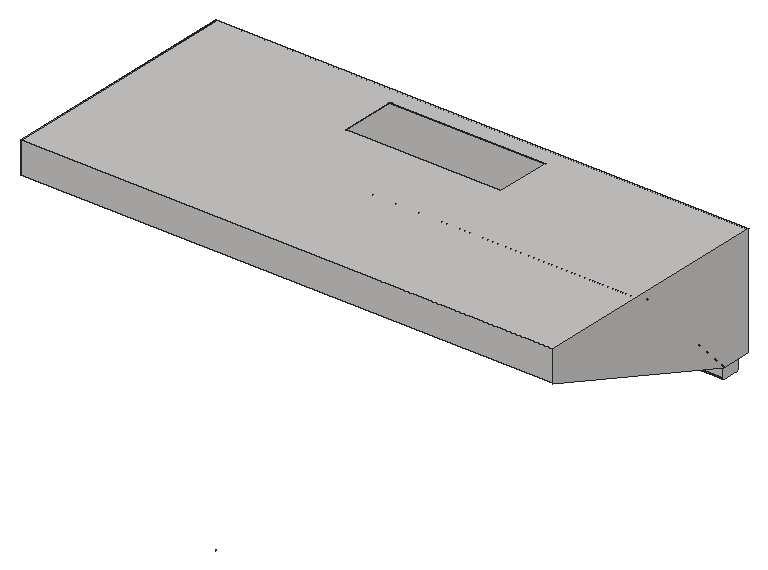
Revit family "QF_ELECTROLUXPROFESSIONAL_642092_MP1124DT", category Specialty Equipment, Revit 2014
Reference planes
  plane 1 "Center (Front/Back)": y = 0
  plane 2: z = 0
  plane 3 "Center (Left/Right)": x = 150
  plane 4 "LEFT": x = -1050
  plane 5 "RIGHT": x = 1350
  plane 6 "BACK": y = 550
  plane 7 "FRONT": y = -550
  plane 8 "Plane": z = 2000
  plane 9 "TOP": z = 2140
  plane 10 "Base": z = 1640
  plane 11: z = 1566
  plane 12 "DrainY": y = 485
  plane 13: x = -1047
  plane 14: through (0, 414.509, 1640.8) normal (0, 0.7314, 0.682)
  plane 15: y = 470
  plane 16: y = 220
  plane 17 "DrainX": x = 1230
  plane 18: x = 500
  plane 19: x = -200
  plane 20: x = 1347
  plane 21: x = 1140
  plane 22: x = 1320
  plane 23: x = -1010
  plane 24: x = -645
  plane 25: x = -450
  plane 26: x = 1310
  plane 27: x = 945
  plane 28: x = 750
  plane 29: x = -47.5
  plane 30: x = 347.5
Forms (mm)
  Extrusion 1, solid, material "QF_Finishes_Stainless Steel"
    sketch origin (-1050, 0, 0) x (0, 1, 0) y (0, 0, 1)
      loop
        line (550, 1640) -> (550, 2140) -> (-550, 2140) -> (-550, 1999.112) -> (413.973, 1640) -> (550, 1640)
    from 0 to 3
  Extrusion 2, solid, material "QF_Finishes_Stainless Steel"
    sketch origin (150, 0, 0) x (0, 1, 0) y (0, 0, 1)
      loop
        line (415.255, 1640) -> (550, 1640) -> (550, 2139.19) -> (549.2, 2139.19) -> (549.2, 1640.8) -> (415.876, 1640.8) -> (339.347, 1722.867) -> (349.609, 1732.436) -> (348.927, 1733.167) -> (337.934, 1722.917) -> (415.255, 1640)
      loop
        line (-82.203, 2139.19) -> (-82.203, 2118.6) -> (-31.047, 2118.6) -> (34.354, 2048.466) -> (46.028, 2059.352) -> (45.346, 2060.083) -> (34.403, 2049.879) -> (-30.612, 2119.6) -> (-81.203, 2119.6) -> (-81.203, 2139.19) -> (-82.203, 2139.19)
    from -1197 to 1197
  Extrusion 3, solid, material "QF_Finishes_Stainless Steel"
    sketch origin (1350, 0, 0) x (0, 1, 0) y (0, 0, 1)
      loop
        line (550, 1640) -> (550, 2140) -> (-550, 2140) -> (-550, 1999.112) -> (413.973, 1640) -> (550, 1640)
    from 0 to -3
  Extrusion 4, solid, material "QF_Finishes_Stainless Steel"
    sketch origin (150, 0, 0) x (0, 1, 0) y (0, 0, 1)
      loop
        line (-550, 2140) -> (-550, 2000) -> (-549.2, 2000) -> (-549.2, 2139.19) -> (550, 2139.19) -> (550, 2140) -> (-550, 2140)
    from -1200 to 1200
  Extrusion 5, solid, material "QF_Finishes_Stainless Steel"
    sketch origin (150, 0, 0) x (0, 1, 0) y (0, 0, 1)
      loop
        line (534, 1640) -> (436, 1640) -> (436, 1627) -> (443.5, 1627) -> (443.5, 1576)
        arc (443.5, 1576) -> (446.429, 1568.929) -> (453.5, 1566) r 10
        line (453.5, 1566) -> (516.5, 1566)
        arc (516.5, 1566) -> (523.571, 1568.929) -> (526.5, 1576) r 10
        line (526.5, 1576) -> (526.5, 1627) -> (534, 1627) -> (534, 1640)
    from 990 to 1170
  Extrusion 6, solid, material "QF_Finishes_Stainless Steel"
    sketch origin (0, 0, 1640) x (0, 1, 0) y (-1, 0, 0)
      loop
        circle (485, -1230) r 20
    from -76 to -74
  Extrusion 7, solid, material "QF_Finished_Chrome"
    sketch origin (150, 0, 0) x (0, 1, 0) y (0, 0, 1)
      loop
        line (337.934, 1722.917) -> (341.591, 1726.327) -> (38.011, 2051.876) -> (34.354, 2048.466) -> (337.934, 1722.917)
    from -795 to -1160
  Extrusion 8, solid, material "QF_Finished_Chrome"
    sketch origin (150, 0, 0) x (0, 1, 0) y (0, 0, 1)
      loop
        line (337.934, 1722.917) -> (341.591, 1726.327) -> (38.011, 2051.876) -> (34.354, 2048.466) -> (337.934, 1722.917)
    from -197.5 to -600
  Extrusion 9, solid, material "QF_Finishes_Stainless Steel"
    sketch origin (150, 0, 0) x (0, 1, 0) y (0, 0, 1)
      loop
        line (337.934, 1722.917) -> (341.591, 1726.327) -> (38.011, 2051.876) -> (34.354, 2048.466) -> (337.934, 1722.917)
    from 1197 to 1160
  Extrusion 10, solid, material "QF_Finishes_Stainless Steel"
    sketch origin (150, 0, 0) x (0, 1, 0) y (0, 0, 1)
      loop
        line (341.588, 1726.324) -> (38.009, 2051.874) -> (34.354, 2048.466) -> (337.934, 1722.917) -> (341.588, 1726.324)
    from -795 to -600
  Extrusion 11, solid, material "QF_Finished_Chrome"
    sketch origin (150, 0, 0) x (0, 1, 0) y (0, 0, 1)
      loop
        line (341.588, 1726.324) -> (38.009, 2051.874) -> (34.354, 2048.466) -> (337.934, 1722.917) -> (341.588, 1726.324)
    from 795 to 1160
  Extrusion 12, void
    sketch origin (0, 0, 2140) x (0, 1, 0) y (-1, 0, 0)
      loop
        line (470, 200) -> (220, 200) -> (220, -500) -> (470, -500) -> (470, 200)
    from 0 to -10
  Extrusion 13, solid, material "QF_Finishes_Stainless Steel"
    sketch origin (0, 0, 0) x (1, 0, 0) y (0, 1, 0)
      loop
        line (-1050, 550) -> (-1050, 549) -> (-1049, 549) -> (-1049, 550) -> (-1050, 550)
    from 0 to 1
  Extrusion 14, solid, material "QF_Finishes_Stainless Steel"
    sketch origin (150, 0, 0) x (0, 1, 0) y (0, 0, 1)
      loop
        line (337.934, 1722.917) -> (341.591, 1726.327) -> (38.011, 2051.876) -> (34.354, 2048.466) -> (337.934, 1722.917)
    from -1160 to -1197
  Extrusion 15, solid, material "QF_Finishes_Stainless Steel"
    sketch origin (150, 0, 0) x (0, 1, 0) y (0, 0, -1)
      loop
        line (341.588, -1726.324) -> (337.934, -1722.917) -> (34.354, -2048.466) -> (38.009, -2051.874) -> (341.588, -1726.324)
    from -795 to -600
  Extrusion 16, solid, material "QF_Finished_Chrome"
    sketch origin (150, 0, 0) x (0, 1, 0) y (0, 0, 1)
      loop
        line (337.934, 1722.917) -> (341.591, 1726.327) -> (38.011, 2051.876) -> (34.354, 2048.466) -> (337.934, 1722.917)
    from 600 to 197.5
  Extrusion 17, solid, material "QF_Finishes_Stainless Steel"
    sketch origin (150, 0, 0) x (0, 1, 0) y (0, 0, -1)
      loop
        line (341.588, -1726.324) -> (337.934, -1722.917) -> (34.354, -2048.466) -> (38.009, -2051.874) -> (341.588, -1726.324)
    from -197.5 to 197.5
Cuts and joins
  Extrusion 12 cuts Extrusion 4
  joined: Extrusion 2, Extrusion 4
Lines and regions (mm)
  reference lines
    curve 1: line (150, 34.354, 2048.466) -> (150, 34.354, 1888.466)
  symbolic lines, style "SpecialityEquipment", detail levels coarse
    curve 2: line (1350, 550, 2140) -> (-1050, 550, 2140)
    curve 3: line (-1050, 550, 2140) -> (-1050, -550, 2140)
    curve 4: line (1350, -550, 2140) -> (1350, 550, 2140)
    curve 5: line (-1050, -550, 2140) -> (1350, -550, 2140)
    curve 6: line (-200, 220, 2140) -> (500, 220, 2140)
    curve 7: line (-200, 470, 2140) -> (-200, 220, 2140)
    curve 8: line (500, 470, 2140) -> (-200, 470, 2140)
    curve 9: line (500, 220, 2140) -> (500, 470, 2140)
    curve 10: line (-1050, 550, 0) -> (1350, -550, 0)
    curve 11: line (1350, 550, 0) -> (-1050, -550, 0)
Dimensions and locks
  plane 4 "LEFT" to plane 5 "RIGHT" = 2400 mm
  equal spacing: plane 4 "LEFT", plane 3 "Center (Left/Right)", plane 5 "RIGHT"
  locked: plane 8 "Plane" to level at 2000
  plane 9 "TOP" to plane 8 "Plane" = 140 mm
  locked: plane 9 "TOP" to plane 10 "Base" at 500
  plane 10 "Base" to plane 11 = 74 mm
  plane 6 "BACK" to plane 12 "DrainY" = 65 mm  (x2)
  plane 4 "LEFT" to plane 13 = 3 mm
  plane 6 "BACK" to plane 15 = 80 mm
  plane 15 to plane 16 = 250 mm  (x2)
  plane 17 "DrainX" to plane 5 "RIGHT" = 120 mm
  plane 20 to plane 5 "RIGHT" = 3 mm
  locked: plane 21 to plane 17 "DrainX" at 90
  locked: plane 17 "DrainX" to plane 22 at 90
  plane 6 "BACK" to plane 7 "FRONT" = 1100 mm  (x2)
  equal spacing: plane 6 "BACK", plane 1 "Center (Front/Back)", plane 7 "FRONT"
  plane 16 to plane 7 "FRONT" = 770 mm
  plane 15 to plane 6 "BACK" = 80 mm
  locked: plane 4 "LEFT" to plane 23 at 40
  locked: plane 23 to plane 24 at 365
  locked: plane 24 to plane 25 at 195
  locked: plane 26 to plane 27 at 365
  locked: plane 27 to plane 28 at 195
  locked: plane 26 to plane 5 "RIGHT" at 40
  locked: plane 29 to plane 30 at 395
  equal spacing: plane 29, plane 3 "Center (Left/Right)", plane 30
  locked: plane 19 to plane 18 at 700
  equal spacing: plane 19, plane 3 "Center (Left/Right)", plane 18
  plane 25 to plane 29 = 402.5 mm
  plane 30 to plane 28 = 402.5 mm
  aligned and locked: level to plane 2
  aligned and locked: Extrusion 2 to Extrusion 1
  aligned and locked: Extrusion 2 to Extrusion 3
  aligned and locked: plane 5 "RIGHT" to Extrusion 4
  aligned and locked: Extrusion 4 to plane 4 "LEFT"
  aligned and locked: plane 20 to Extrusion 9
  aligned and locked: plane 19 to Extrusion 12
  aligned and locked: Extrusion 12 to plane 18
  aligned and locked: Extrusion 12 to plane 16
  aligned and locked: Extrusion 12 to plane 15
  aligned and locked: Extrusion 2 to Extrusion 4
  aligned and locked: plane 22 to Extrusion 5
  aligned and locked: Extrusion 5 to plane 21
  aligned and locked: Extrusion 9 to plane 26
  aligned and locked: Extrusion 11 to plane 26
  aligned and locked: Extrusion 11 to plane 27
  aligned and locked: Extrusion 8 to plane 25
  aligned and locked: plane 25 to Extrusion 10
  aligned and locked: Extrusion 10 to plane 24
  aligned and locked: plane 24 to Extrusion 7
  aligned and locked: Extrusion 7 to plane 23
  aligned and locked: Extrusion 14 to plane 13
  aligned and locked: plane 23 to Extrusion 14
  aligned and locked: Extrusion 15 to plane 28
  aligned and locked: Extrusion 15 to plane 27
  aligned and locked: Extrusion 3 to plane 20
  aligned and locked: plane 29 to Extrusion 8
  aligned and locked: Extrusion 16 to plane 28
  aligned and locked: Extrusion 16 to plane 30
  aligned and locked: plane 30 to Extrusion 17
  aligned and locked: Extrusion 17 to plane 29
Automatic sketch dimensions
  curve 5 to plane 4 "LEFT" = 0 mm
  curve 5 to plane 7 "FRONT" = 0 mm
  curve 9 to plane 16 = 0 mm
  plane 15 to curve 8 = 0 mm
  curve 3 to plane 6 "BACK" = 0 mm
  curve 5 to plane 5 "RIGHT" = 0 mm
  curve 6 to plane 18 = 0 mm
  curve 6 to plane 19 = 0 mm
  Extrusion 1 sketch curve to plane 7 "FRONT" = 0 mm
  Extrusion 1 sketch curve to plane 10 "Base" = 0 mm
  Extrusion 1 sketch curve to plane 6 "BACK" = 0 mm
  Extrusion 1 sketch curve to plane 9 "TOP" = 0 mm
  plane 15 to Extrusion 1 sketch curve = 56.027 mm
  Extrusion 1 sketch curve to plane 8 "Plane" = 0.888 mm
  Extrusion 2 sketch curve to plane 14 = 0 mm  (x3)
  Extrusion 2 sketch curve to plane 10 "Base" = 0 mm
  plane 14 to Extrusion 2 sketch curve = 0 mm
  Extrusion 2 sketch curve to plane 6 "BACK" = 0 mm
  Extrusion 2 sketch curve to Extrusion 2 sketch curve = 65.646 mm
  Extrusion 2 sketch curve to Extrusion 2 sketch curve = 0.682 mm  (x2)
  Extrusion 2 sketch curve to Extrusion 2 sketch curve = 10.261 mm
  plane 10 "Base" to Extrusion 2 sketch curve = 82.917 mm
  Extrusion 2 sketch curve to plane 1 "Center (Front/Back)" = 46.028 mm
  Extrusion 2 sketch curve to Extrusion 2 sketch curve = 10.942 mm
  Extrusion 2 sketch curve to Extrusion 2 sketch curve = 0.049 mm
  Extrusion 2 sketch curve to plane 9 "TOP" = 20.4 mm
  Extrusion 2 sketch curve to plane 9 "TOP" = 21.4 mm
  Extrusion 2 sketch curve to plane 9 "TOP" = 0.81 mm  (x2)
  Extrusion 2 sketch curve to Extrusion 2 sketch curve = 50.156 mm
  Extrusion 2 sketch curve to Extrusion 2 sketch curve = 1 mm
  plane 10 "Base" to Extrusion 2 sketch curve = 0.8 mm
  Extrusion 2 sketch curve to plane 6 "BACK" = 0.8 mm
  Extrusion 3 sketch curve to plane 7 "FRONT" = 0 mm
  Extrusion 3 sketch curve to plane 10 "Base" = 0 mm
  Extrusion 3 sketch curve to plane 6 "BACK" = 0 mm
  Extrusion 3 sketch curve to plane 9 "TOP" = 0 mm
  plane 15 to Extrusion 3 sketch curve = 56.027 mm
  Extrusion 3 sketch curve to plane 8 "Plane" = 0.888 mm
  Extrusion 4 sketch curve to plane 7 "FRONT" = 0 mm
  Extrusion 4 sketch curve to plane 8 "Plane" = 0 mm
  Extrusion 4 sketch curve to plane 6 "BACK" = 0 mm
  Extrusion 4 sketch curve to plane 9 "TOP" = 0 mm
  plane 7 "FRONT" to Extrusion 4 sketch curve = 0.8 mm
  Extrusion 4 sketch curve to plane 9 "TOP" = 0.81 mm
  curve 1 to plane 14 = 0 mm
  curve 1 to plane 1 "Center (Front/Back)" = 34.354 mm
  curve 1 to plane 8 "Plane" = 111.534 mm
  Extrusion 5 sketch curve to plane 10 "Base" = 0 mm
  Extrusion 5 sketch curve to plane 11 = 0 mm
  Extrusion 5 sketch curve to plane 10 "Base" = 13 mm  (x2)
  plane 15 to Extrusion 5 sketch curve = 34 mm
  Extrusion 5 sketch curve to Extrusion 5 sketch curve = 7.5 mm  (x2)
  Extrusion 5 sketch curve to Extrusion 5 sketch curve = 10 mm
  plane 12 "DrainY" to Extrusion 5 sketch curve = 31.5 mm
  Extrusion 5 sketch curve to plane 6 "BACK" = 23.5 mm
  Extrusion 6 sketch curve to plane 12 "DrainY" = 0 mm
  Extrusion 6 sketch curve to plane 17 "DrainX" = 0 mm
  Extrusion 7 sketch curve to plane 14 = 0 mm  (x2)
  Extrusion 7 sketch curve to plane 1 "Center (Front/Back)" = 34.354 mm
  Extrusion 7 sketch curve to Extrusion 7 sketch curve = 3.657 mm
  plane 10 "Base" to Extrusion 7 sketch curve = 82.917 mm
  Extrusion 8 sketch curve to plane 14 = 0 mm  (x2)
  Extrusion 8 sketch curve to plane 1 "Center (Front/Back)" = 34.354 mm
  Extrusion 8 sketch curve to Extrusion 8 sketch curve = 3.657 mm
  plane 10 "Base" to Extrusion 8 sketch curve = 82.917 mm
  Extrusion 9 sketch curve to plane 14 = 0 mm  (x2)
  Extrusion 9 sketch curve to plane 1 "Center (Front/Back)" = 34.354 mm
  Extrusion 9 sketch curve to Extrusion 9 sketch curve = 3.657 mm
  plane 10 "Base" to Extrusion 9 sketch curve = 82.917 mm
  Extrusion 10 sketch curve to plane 14 = 0 mm  (x2)
  Extrusion 10 sketch curve to plane 1 "Center (Front/Back)" = 34.354 mm
  Extrusion 10 sketch curve to Extrusion 10 sketch curve = 3.655 mm
  plane 10 "Base" to Extrusion 10 sketch curve = 82.917 mm
  Extrusion 11 sketch curve to plane 14 = 0 mm  (x2)
  Extrusion 11 sketch curve to plane 1 "Center (Front/Back)" = 34.354 mm
  Extrusion 11 sketch curve to Extrusion 11 sketch curve = 3.655 mm
  plane 10 "Base" to Extrusion 11 sketch curve = 82.917 mm
  Extrusion 12 sketch curve to plane 16 = 0 mm
  plane 15 to Extrusion 12 sketch curve = 0 mm
  Extrusion 12 sketch curve to plane 18 = 0 mm
  Extrusion 12 sketch curve to plane 19 = 0 mm
  Extrusion 13 sketch curve to plane 4 "LEFT" = 0 mm
  Extrusion 13 sketch curve to plane 6 "BACK" = 0 mm
  plane 4 "LEFT" to Extrusion 13 sketch curve = 1 mm
  Extrusion 13 sketch curve to Extrusion 13 sketch curve = 1 mm
  Extrusion 14 sketch curve to plane 14 = 0 mm  (x2)
  Extrusion 14 sketch curve to plane 1 "Center (Front/Back)" = 34.354 mm
  Extrusion 14 sketch curve to Extrusion 14 sketch curve = 3.657 mm
  plane 10 "Base" to Extrusion 14 sketch curve = 82.917 mm
  Extrusion 15 sketch curve to plane 14 = 0 mm  (x2)
  Extrusion 15 sketch curve to plane 1 "Center (Front/Back)" = 34.354 mm
  Extrusion 15 sketch curve to Extrusion 15 sketch curve = 3.655 mm
  plane 10 "Base" to Extrusion 15 sketch curve = 82.917 mm
  Extrusion 16 sketch curve to plane 14 = 0 mm  (x2)
  Extrusion 16 sketch curve to plane 1 "Center (Front/Back)" = 34.354 mm
  Extrusion 16 sketch curve to Extrusion 16 sketch curve = 3.657 mm
  plane 10 "Base" to Extrusion 16 sketch curve = 82.917 mm
  Extrusion 17 sketch curve to plane 14 = 0 mm  (x2)
  Extrusion 17 sketch curve to plane 1 "Center (Front/Back)" = 34.354 mm
  Extrusion 17 sketch curve to Extrusion 17 sketch curve = 3.655 mm
  plane 10 "Base" to Extrusion 17 sketch curve = 82.917 mm
  curve 11 to plane 4 "LEFT" = 0 mm
  curve 10 to plane 4 "LEFT" = 0 mm
  curve 11 to plane 5 "RIGHT" = 0 mm
  curve 10 to plane 5 "RIGHT" = 0 mm
  curve 10 to plane 7 "FRONT" = 0 mm
  curve 11 to plane 7 "FRONT" = 0 mm
  curve 11 to plane 6 "BACK" = 0 mm
  curve 10 to plane 6 "BACK" = 0 mm
  radius of Extrusion 6 sketch curve = 20 mm
Connectors
  piping at (1230, 485, 1564), diameter 20
    settings: on Extrusion 6, index 1, connector inside diameter 609.6 mm, connector length 0 mm, flow factor 0, pipe flow 0.0 L/s, pressure drop 0.0 Pa, fitting loss kfactor 0, connector angle 0.00°, fixture units 0, engagement length 0 mm, angle of deflection 0.00°, flow configuration 1, flow direction 2, fitting loss method 0, system type 16, joint type 0, gender type 0, connector reference index -1, connector utility 0, adjustable connector no, is connector primary yes, connector description "Drain"
  hvac at (150, 345, 2140)
    settings: on Extrusion 12, index 2, duct flow 0.0 L/s, flow factor 0, pres drop 0.0 Pa, loss coef 0, conn angle 0.00°, conn width 250 mm, conn height 700 mm, conn diameter 609.6 mm, duct sys type 3, conn prof type 1, flow config 1, flow direction 0, loss method 0, conn ref index -1, conn util no, is conn primary yes, conn desc "EXHAUST OUTLET"
